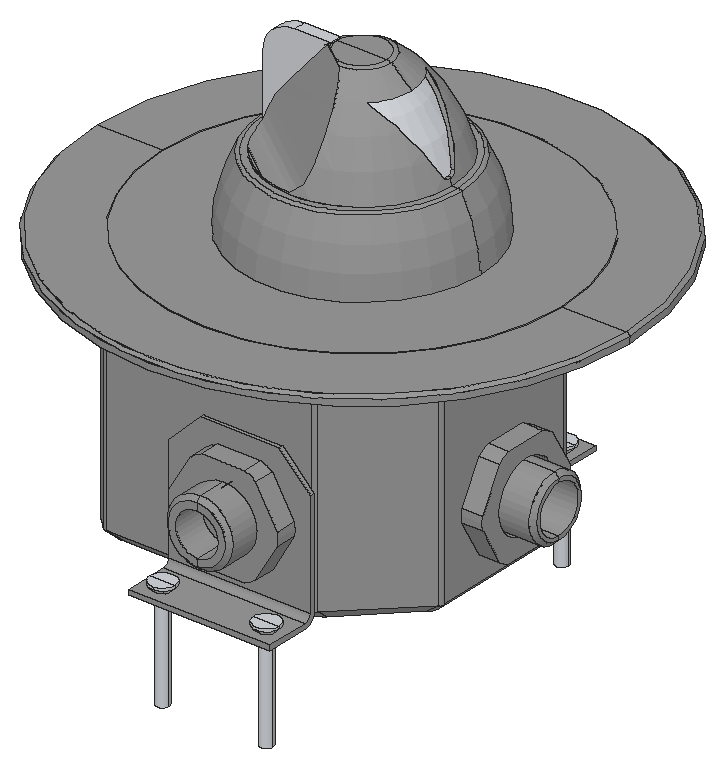
Revit family "Plumbing Fixture_Galvin_CliniMix_Wall_Mixer_CP-BS_WM-TMVPMSCS_W", category Plumbing Fixtures, host Face, Revit 2019
Family settings
  Host = Face
  Round Connector Dimension = Use Diameter
  Part Type = Normal
  Cut with Voids When Loaded = No
  Shared = No
  Room Calculation Point = No
Parameters (values of type "Type 1")
  Waste Connection = no
  Vent Connection = no
  Variants = "Thermostatic"
  Vandal_Resistant = no
  URL = "http://www.galvinengineering.com.au"
  Thread = "1/2\" BSP M"
  Specify_Host = "Face"
  SKU_Code = "WM-TMVPMSCS"
  Product_Type = "Mixer"
  Product_Range = "CliniMix"
  PlumbingMaterial_ANZRS = Brass
  PlumbingFinish = "Chrome"
  Mounting_Surface = "Wall"
  Mounting = "Wall"
  Manufacturer_Phone_No = "1300-514-074"
  Manufacturer_OverallWidth = 0 mm
  Manufacturer_OverallHeight = 0 mm
  Manufacturer_OverallDepth = 0 mm
  Manufacturer = "Galvin Engineering"
  Instructions = ""
  HW Connection = yes
  FlowRate = "N/A"
  FilterObject_ANZRS = ""
  Description = "CLINIMIX CHROME PLATED BRASS INWALL THERMO PROGRESSIVE SHOWER MIXER WITH GALVINCARE HANDLE W&C [MTO]\r\nCLINIMIX CHROME PLATED BRASS INWALL THERMO PROGRESSIVE SHOWER MIXER WITH GALVINCARE HANDLE W&C [MTO]\r\nCLINIMIX CHROME PLATED BRASS INWALL THERMO PROGRESSIVE SHOWER MIXER WITH GALVINCARE HANDLE W&C [MTO]"
  Default Elevation = 0 mm
  CategoryStyleOrType_ANZRS = "Plumbing Fixture"
  CW Connection = yes
  Application = "Commercial"
  Anti_Ligature = yes
Reference planes
  plane 1 "Center (Front/Back)": y = 0
  plane 2: z = 0
  plane 3 "Center (Left/Right)": x = 0
  plane 4: y = 58.7
  plane 5: y = -58.7
Forms (mm)
  Revolve 1, solid, material "Brass" <- "PlumbingMaterial_ANZRS"
    sketch origin (2, 0, 0) x (0, 0, 1) y (0, 1, 0)
      loop
        line (0, 0) -> (0, 34.5) -> (-20, 34.5) -> (-20, 26.5) -> (-75, 26.5) -> (-76, 25.5) -> (-76, 21.5) -> (-77, 21.5) -> (-78, 20.5) -> (-78, 0) -> (0, 0)
      axis (-78, 0) -> (0, 0)
    angle from 0 to 360
  Extrusion 2, solid, material "Brass" <- "PlumbingMaterial_ANZRS"
    sketch origin (2, 0, 0) x (1, 0, 0) y (0, 1, 0)
      loop
        arc (42.554, -25.141) -> (43.031, -24.428) -> (43.198, -23.586) r 2.2
        line (43.198, -23.586) -> (43.198, 23.586)
        arc (43.198, 23.586) -> (43.031, 24.428) -> (42.554, 25.141) r 2.2
        line (42.554, 25.141) -> (21.14, 46.556)
        arc (21.14, 46.556) -> (20.426, 47.033) -> (19.584, 47.2) r 2.2
        line (19.584, 47.2) -> (-45.473, 47.2)
        arc (-45.473, 47.2) -> (-46.315, 47.033) -> (-47.028, 46.556) r 2.2
        line (-47.028, 46.556) -> (-50.556, 43.028)
        arc (-50.556, 43.028) -> (-51.033, 42.315) -> (-51.2, 41.473) r 2.2
        line (-51.2, 41.473) -> (-51.2, -41.473)
        arc (-51.2, -41.473) -> (-51.033, -42.315) -> (-50.556, -43.028) r 2.2
        line (-50.556, -43.028) -> (-47.028, -46.556)
        arc (-47.028, -46.556) -> (-46.315, -47.033) -> (-45.473, -47.2) r 2.2
        line (-45.473, -47.2) -> (19.584, -47.2)
        arc (19.584, -47.2) -> (20.426, -47.033) -> (21.14, -46.556) r 2.2
        line (21.14, -46.556) -> (42.554, -25.141)
    from -77.689 to 0
  Extrusion 3, solid, material "Brass" <- "PlumbingMaterial_ANZRS"
    sketch origin (2, 2, -7) x (1, 0, 0) y (0, 0, -1)
      loop
        arc (4.838, 32.3) -> (6.704, 33.225) -> (8.437, 34.378) r 16.434
        line (8.437, 34.378) -> (15.275, 46.222)
        arc (15.275, 46.222) -> (15.41, 48.3) -> (15.275, 50.378) r 16.135
        line (15.275, 50.378) -> (8.437, 62.222)
        arc (8.437, 62.222) -> (6.704, 63.375) -> (4.838, 64.3) r 16.434
        line (4.838, 64.3) -> (-8.838, 64.3)
        arc (-8.838, 64.3) -> (-10.704, 63.375) -> (-12.437, 62.222) r 16.434
        line (-12.437, 62.222) -> (-19.275, 50.378)
        arc (-19.275, 50.378) -> (-19.41, 48.3) -> (-19.275, 46.222) r 16.135
        line (-19.275, 46.222) -> (-12.437, 34.378)
        arc (-12.437, 34.378) -> (-10.704, 33.225) -> (-8.838, 32.3) r 16.434
        line (-8.838, 32.3) -> (4.838, 32.3)
    from 45 to 53.2
  Revolve 4, solid, material "Brass" <- "PlumbingMaterial_ANZRS"
    sketch origin (4, 0, -7) x (0, 0, -1) y (1, 0, 0)
      loop
        line (37.825, 57.126) -> (37.825, 40.974) -> (40.328, 40.974) -> (40.328, 58.502) -> (39.201, 58.502) -> (37.825, 57.126)
      axis (48, 40.974) -> (48, 58.502)
    angle from 0 to 360
  Extrusion 5, solid, material "Brass" <- "PlumbingMaterial_ANZRS"
    sketch origin (5, 0, -7) x (0, -1, 0) y (0, 0, -1)
      loop
        circle (0, 48) r 11
      loop
        arc (6.838, 32.3) -> (8.694, 33.242) -> (10.437, 34.378) r 19.399
        line (10.437, 34.378) -> (17.275, 46.222)
        arc (17.275, 46.222) -> (17.405, 48.3) -> (17.275, 50.378) r 16.722
        line (17.275, 50.378) -> (10.437, 62.222)
        arc (10.437, 62.222) -> (8.694, 63.358) -> (6.838, 64.3) r 19.399
        line (6.838, 64.3) -> (-6.838, 64.3)
        arc (-6.838, 64.3) -> (-8.694, 63.358) -> (-10.437, 62.222) r 19.399
        line (-10.437, 62.222) -> (-17.275, 50.378)
        arc (-17.275, 50.378) -> (-17.405, 48.3) -> (-17.275, 46.222) r 16.722
        line (-17.275, 46.222) -> (-10.437, 34.378)
        arc (-10.437, 34.378) -> (-8.694, 33.242) -> (-6.838, 32.3) r 19.399
        line (-6.838, 32.3) -> (6.838, 32.3)
    from 40.198 to 47
  Revolve 6, solid, material "Brass" <- "PlumbingMaterial_ANZRS"
    sketch origin (2, -2, -7) x (0, 0, -1) y (0, 1, 0)
      loop
        line (35.5, -45) -> (48, -45) -> (48, -35) -> (35.5, -35) -> (33.5, -37) -> (33.5, -42) -> (35.5, -44) -> (35.5, -45)
      axis (48, -35) -> (48, -45)
    angle from 0 to 360
  Revolve 7, solid, material "Brass" <- "PlumbingMaterial_ANZRS"
    sketch origin (0, 0, 0) x (1, 0, 0) y (0, 0, 1)
      loop
        line (63.5, 3) -> (63.5, -2) -> (57.983, -2) -> (57.983, -5) -> (68, -5) -> (73, 0) -> (85.005, 0) -> (85.005, 1.994) -> (83.999, 3) -> (63.5, 3)
      axis (0, 3) -> (0, -5)
    angle from 0 to 360
  Extrusion 8, solid, material "Brass" <- "PlumbingMaterial_ANZRS"
    sketch origin (0, 0, 0) x (1, 0, 0) y (0, 1, 0)
      loop
        circle (0, 0) r 63.5
    from 0 to 3
  Extrusion 9, solid, material "Brass" <- "PlumbingMaterial_ANZRS"
    sketch origin (-96.998, 0, -7) x (0, -1, 0) y (0, 0, -1)
      loop
        arc (6.838, 32.3) -> (8.694, 33.242) -> (10.437, 34.378) r 19.399
        line (10.437, 34.378) -> (17.275, 46.222)
        arc (17.275, 46.222) -> (17.405, 48.3) -> (17.275, 50.378) r 16.722
        line (17.275, 50.378) -> (10.437, 62.222)
        arc (10.437, 62.222) -> (8.694, 63.358) -> (6.838, 64.3) r 19.399
        line (6.838, 64.3) -> (-6.838, 64.3)
        arc (-6.838, 64.3) -> (-8.694, 63.358) -> (-10.437, 62.222) r 19.399
        line (-10.437, 62.222) -> (-17.275, 50.378)
        arc (-17.275, 50.378) -> (-17.405, 48.3) -> (-17.275, 46.222) r 16.722
        line (-17.275, 46.222) -> (-10.437, 34.378)
        arc (-10.437, 34.378) -> (-8.694, 33.242) -> (-6.838, 32.3) r 19.399
        line (-6.838, 32.3) -> (6.838, 32.3)
    from 41 to 47.798
  Sweep 10, solid, material "Brass" <- "PlumbingMaterial_ANZRS"
    path origin (0, 0, 0) x (1, 0, 0) y (0, 1, 0)
      loop
        line (22.5, 47.95) -> (-22.5, 47.95)
    profile origin (0, 47.95, 0) x (0, -1, 0) y (0, 0, 1)
      loop
        line (-0.75, -33.8) -> (-0.75, -77.3)
        arc (-0.75, -77.3) -> (-1.336, -78.714) -> (-2.75, -79.3) r 2
        line (-2.75, -79.3) -> (-16.75, -79.3) -> (-16.75, -80.8) -> (-2.75, -80.8)
        arc (-2.75, -80.8) -> (-0.409, -79.91) -> (0.75, -77.689) r 3.524
        line (0.75, -77.689) -> (0.75, -33.8) -> (-0.75, -33.8)
  Sweep 11, solid, material "Brass" <- "PlumbingMaterial_ANZRS"
    path origin (0, 0, 0) x (1, 0, 0) y (0, -1, 0)
      loop
        line (22.5, 47.95) -> (-22.5, 47.95)
    profile origin (0, -47.95, 0) x (0, -1, 0) y (0, 0, 1)
      loop
        line (0.75, -33.8) -> (-0.75, -33.8) -> (-0.75, -77.689)
        arc (-0.75, -77.689) -> (0.409, -79.91) -> (2.75, -80.8) r 3.524
        line (2.75, -80.8) -> (16.75, -80.8) -> (16.75, -79.3) -> (2.75, -79.3)
        arc (2.75, -79.3) -> (1.336, -78.714) -> (0.75, -77.3) r 2
        line (0.75, -77.3) -> (0.75, -33.8)
  Extrusion 12, void
    sketch origin (22.5, 48.7, -77.3) x (1, 0, 0) y (0, 0, 1)
      loop
        line (-10, 43.5) -> (0, 33.5) -> (0, 43.5) -> (-10, 43.5)
      loop
        line (-45, 33.5) -> (-35, 43.5) -> (-45, 43.5) -> (-45, 33.5)
    from 0 to 1.5
  Extrusion 13, void
    sketch origin (22.5, -47.2, -77.3) x (1, 0, 0) y (0, 0, 1)
      loop
        line (-10, 43.5) -> (0, 33.5) -> (0, 43.5) -> (-10, 43.5)
      loop
        line (-45, 33.5) -> (-35, 43.5) -> (-45, 43.5) -> (-45, 33.5)
    from 0 to 1.5
  Revolve 14, solid, material "Brass" <- "PlumbingMaterial_ANZRS"
    sketch origin (0.027, 2, -7) x (0, 0, -1) y (0, 1, 0)
      loop
        line (37.82, 62.297) -> (37.82, 46.34) -> (35.5, 45) -> (35.5, 40.5) -> (33.5, 38.5) -> (33.5, 33.5) -> (35.5, 31.5) -> (37, 31.5) -> (37, -35.5) -> (35.5, -35.5) -> (33.5, -37.5) -> (33.5, -42.5) -> (35.5, -44.5) -> (35.5, -49) -> (37.82, -49) -> (37.82, -66.297) -> (39.223, -67.7) -> (41.5, -67.7) -> (41.5, -49) -> (38.5, -49) -> (38.5, -35.5) -> (41.5, -35.5) -> (41.5, 31.5) -> (38.5, 31.5) -> (38.5, 45.866) -> (41.5, 45.866) -> (41.5, 63.7) -> (39.223, 63.7) -> (37.82, 62.297)
      axis (48.3, -67.7) -> (48.3, 63.7)
    angle from 0 to 360
  Extrusion 15, solid, material "Brass" <- "PlumbingMaterial_ANZRS"
    sketch origin (2, -101.9, -7) x (1, 0, 0) y (0, 0, -1)
      loop
        arc (4.838, 32.3) -> (6.704, 33.225) -> (8.437, 34.378) r 16.434
        line (8.437, 34.378) -> (15.275, 46.222)
        arc (15.275, 46.222) -> (15.41, 48.3) -> (15.275, 50.378) r 16.135
        line (15.275, 50.378) -> (8.437, 62.222)
        arc (8.437, 62.222) -> (6.704, 63.375) -> (4.838, 64.3) r 16.434
        line (4.838, 64.3) -> (-8.838, 64.3)
        arc (-8.838, 64.3) -> (-10.704, 63.375) -> (-12.437, 62.222) r 16.434
        line (-12.437, 62.222) -> (-19.275, 50.378)
        arc (-19.275, 50.378) -> (-19.41, 48.3) -> (-19.275, 46.222) r 16.135
        line (-19.275, 46.222) -> (-12.437, 34.378)
        arc (-12.437, 34.378) -> (-10.704, 33.225) -> (-8.838, 32.3) r 16.434
        line (-8.838, 32.3) -> (4.838, 32.3)
    from 46.7 to 53.2
  Blend 16, solid, material "Brass" <- "PlumbingMaterial_ANZRS"
    base sketch origin (2, 0, -77.689) x (0, 1, 0) y (-1, 0, 0)
      loop
        arc (-24.673, -38.622) -> (-23.051, -39.706) -> (-21.137, -40.087) r 5
        line (-21.137, -40.087) -> (21.137, -40.087)
        arc (21.137, -40.087) -> (23.051, -39.706) -> (24.673, -38.622) r 5
        line (24.673, -38.622) -> (42.624, -20.671)
        arc (42.624, -20.671) -> (43.708, -19.049) -> (44.089, -17.135) r 5
        line (44.089, -17.135) -> (44.089, 43.089)
        arc (44.089, 43.089) -> (42.624, 46.624) -> (39.089, 48.089) r 5
        line (39.089, 48.089) -> (-39.089, 48.089)
        arc (-39.089, 48.089) -> (-42.624, 46.624) -> (-44.089, 43.089) r 5
        line (-44.089, 43.089) -> (-44.089, -17.135)
        arc (-44.089, -17.135) -> (-43.708, -19.049) -> (-42.624, -20.671) r 5
        line (-42.624, -20.671) -> (-24.673, -38.622)
    top sketch origin (2, 0, -77.689) x (0, 1, 0) y (-1, 0, 0)
      loop
        arc (-25.141, -42.554) -> (-24.428, -43.031) -> (-23.586, -43.198) r 2.2
        line (-23.586, -43.198) -> (23.586, -43.198)
        arc (23.586, -43.198) -> (24.428, -43.031) -> (25.141, -42.554) r 2.2
        line (25.141, -42.554) -> (46.556, -21.14)
        arc (46.556, -21.14) -> (47.033, -20.426) -> (47.2, -19.584) r 2.2
        line (47.2, -19.584) -> (47.2, 45.473)
        arc (47.2, 45.473) -> (47.033, 46.315) -> (46.556, 47.028) r 2.2
        line (46.556, 47.028) -> (43.028, 50.556)
        arc (43.028, 50.556) -> (42.315, 51.033) -> (41.473, 51.2) r 2.2
        line (41.473, 51.2) -> (-41.473, 51.2)
        arc (-41.473, 51.2) -> (-42.315, 51.033) -> (-43.028, 50.556) r 2.2
        line (-43.028, 50.556) -> (-46.556, 47.028)
        arc (-46.556, 47.028) -> (-47.033, 46.315) -> (-47.2, 45.473) r 2.2
        line (-47.2, 45.473) -> (-47.2, -19.584)
        arc (-47.2, -19.584) -> (-47.033, -20.426) -> (-46.556, -21.14) r 2.2
        line (-46.556, -21.14) -> (-25.141, -42.554)
    from -3.111 to 0
  Revolve 17, solid
    sketch origin (0, 58.7, 0) x (1, 0, 0) y (0, 0, 1)
      loop
        line (16.5, -112.3) -> (16.5, -77.3) -> (12.485, -77.3) -> (12.485, -78.1) -> (14.5, -80.115) -> (14.5, -112.3) -> (16.5, -112.3)
      axis (16.5, -77.3) -> (16.5, -112.3)
    angle from 0 to 360
  Revolve 18, solid
    sketch origin (0, 58.7, 0) x (-1, 0, 0) y (0, 0, -1)
      loop
        line (16.5, 112.3) -> (14.5, 112.3) -> (14.5, 80.115) -> (12.485, 78.1) -> (12.485, 77.3) -> (16.5, 77.3) -> (16.5, 112.3)
      axis (16.5, 77.3) -> (16.5, 112.3)
    angle from 0 to 360
  Revolve 19, solid
    sketch origin (0, -58.7, 0) x (1, 0, 0) y (0, 0, -1)
      loop
        line (16.5, 112.3) -> (14.5, 112.3) -> (14.5, 80.115) -> (12.485, 78.1) -> (12.485, 77.3) -> (16.5, 77.3) -> (16.5, 112.3)
      axis (16.5, 77.3) -> (16.5, 112.3)
    angle from 0 to 360
  Revolve 20, solid
    sketch origin (0, -58.7, 0) x (-1, 0, 0) y (0, 0, 1)
      loop
        line (16.5, -112.3) -> (16.5, -77.3) -> (12.485, -77.3) -> (12.485, -78.1) -> (14.5, -80.115) -> (14.5, -112.3) -> (16.5, -112.3)
      axis (16.5, -77.3) -> (16.5, -112.3)
    angle from 0 to 360
Cuts and joins
  Extrusion 12 cuts Revolve 1
  Extrusion 12, Extrusion 13 cuts Extrusion 2
  joined: Extrusion 2, Blend 16
  Extrusion 12, Extrusion 13 cuts Sweep 10
  Extrusion 12, Extrusion 13 cuts Sweep 11
Dimensions and locks
  aligned and locked: plane 2 to host face
  aligned and locked: level to host face
Nested families
  nested 1: "X_GALVIN_CLINIMIX_WALL_MIXER" at (0, 0, 0), type "Type 1"
  nested 2: "X_GalvinCare_Text" at (-52.59, -0.52, 3) x (0, -1, 0) z (0, 0, 1), type "01_GalvinCare"
  nested 3: "X_GalvinCare_Text" at (80.305, -20.534, -77.3) x (-0.1736, -0.9848, 0) z (0, 0, 1), type "06_Cold"
  nested 4: "X_GalvinCare_Text" at (74.293, 17.845, -77.3) x (0.1703, -0.9854, 0) z (0, 0, 1), type "12_Warm"
  nested 5: "X_GalvinCare_Text" at (30.605, -2.304, -77.3) x (0.0517, -0.9987, 0) z (0, 0, 1), type "13_Arrow"
Definition of nested family "X_GALVIN_CLINIMIX_WALL_MIXER"
  Parameters (values of type "Type 1")
    URL = ""
    PlumbingMaterial_ANZRS = none
    Manufacturer = ""
    Description = ""
  Reference planes
    plane 1 "Center (Front/Back)": y = 0
    plane 2: z = 0
    plane 3 "Center (Left/Right)": x = 0
    plane 4: x = -2
    plane 5: x = 2
    plane 6: through (0, -1524, 0) normal (-0.7608, 0, -0.649)
    plane 7: through (0, -1524, 0) normal (-0.7608, 0, 0.649)
    plane 8: through (-3187.65, 2366.406, 25) normal (0.6018, 0.7986, 0)
    plane 9: through (-3187.65, -2366.406, 25) normal (-0.6018, 0.7986, 0)
  Forms (mm)
    Revolve 1, solid, material <- "PlumbingMaterial_ANZRS"
      sketch origin (0, 0, 0) x (0, 0, 1) y (1, 0, 0)
        loop
          line (3, 0) -> (53.7, 0) -> (53.7, 7.861)
          arc (53.7, 7.861) -> (53.591, 8.575) -> (53.273, 9.224) r 2.388
          arc (53.273, 9.224) -> (40.897, 21.444) -> (25, 28.5) r 48.393
          line (25, 28.5) -> (25, 30.474)
          arc (25, 30.474) -> (24.857, 31.117) -> (24.455, 31.639) r 1.517
          arc (24.455, 31.639) -> (14.104, 35.944) -> (3, 37.49) r 43.961
          line (3, 37.49) -> (3, 0)
        axis (3, 0) -> (53.7, 0)
      angle from 0 to 360
    Extrusion 2, solid
      sketch origin (0, 0, 0) x (0, 0, -1) y (1, 0, 0)
        loop
          line (-25, -30) -> (-25, -8.322) -> (-53.7, -8.322) -> (-53.7, -20)
          arc (-53.7, -20) -> (-50.771, -27.071) -> (-43.7, -30) r 10
          line (-43.7, -30) -> (-25, -30)
      from -2 to 2
    Extrusion 3, void
      sketch origin (0, 0, 0) x (0, -1, 0) y (0, 0, -1)
        loop
          arc (-0.726, -27) -> (-1.8, -27.313) -> (-2.538, -28.155) r 2
          line (-2.538, -28.155) -> (-11.674, -47.746) -> (11.674, -47.746) -> (2.538, -28.155)
          arc (2.538, -28.155) -> (1.8, -27.313) -> (0.726, -27) r 2
          line (0.726, -27) -> (-0.726, -27)
      from 8.984 to 30.343
    Revolve 4, solid
      sketch origin (0, 0, 0) x (0, 0, -1) y (1, 0, 0)
        loop
          line (-27, 0) -> (-27, 26.623)
          arc (-27, 26.623) -> (-39.629, 20.464) -> (-50.113, 11.112) r 51.312
          line (-50.113, 11.112) -> (-50.113, 0) -> (-27, 0)
        axis (-27, 0) -> (-50.113, 0)
      angle from -58.79 to 62.094
    Extrusion 5, void
      sketch origin (24.044, -18.093, 0) x (0.601815, 0.798636, 0) y (0, 0, -1)
        loop
          line (-27.365, -25.487) -> (-31.958, -25.487) -> (-16.614, -52.648) -> (-16.614, -54.704) -> (-7.404, -54.704) -> (-7.404, -52.96)
          spline (-7.404, -52.96) -> (-9.299, -49.314) -> (-11.275, -45.449) -> (-13.243, -41.552) -> (-15.118, -37.807) -> (-16.811, -34.398) -> (-18.256, -31.489) -> (-19.507, -29.132) -> (-20.656, -27.336) -> (-21.796, -26.114) -> (-23.025, -25.476) -> (-24.663, -25.339) -> (-27.365, -25.487)
      from 9.921 to 50.173
    Extrusion 6, void
      sketch origin (24.044, 18.093, 0) x (0.601815, -0.798636, 0) y (0, 0, 1)
        loop
          spline (-27.365, 25.487) -> (-24.663, 25.339) -> (-23.025, 25.476) -> (-21.796, 26.114) -> (-20.656, 27.336) -> (-19.507, 29.132) -> (-18.256, 31.489) -> (-16.811, 34.398) -> (-15.118, 37.807) -> (-13.243, 41.552) -> (-11.275, 45.449) -> (-9.299, 49.314) -> (-7.404, 52.96)
          line (-7.404, 52.96) -> (-7.404, 54.704) -> (-16.614, 54.704) -> (-16.614, 52.648) -> (-31.958, 25.487) -> (-27.365, 25.487)
      from 9.921 to 50.173
  Cuts and joins
    Extrusion 3, Extrusion 5, Extrusion 6 cuts Revolve 1
  Dimensions and locks
    aligned and locked: level to plane 2
Definition of nested family "X_GalvinCare_Text"
  Parameters (values of type "13_Arrow")
    Warm = Type # = 12  # no
    Type # = 13
    Press to Activate = Type # = 10  # no
    ON = Type # = 8  # no
    OFF = Type # = 9  # no
    Hot = Type # = 7  # no
    HandShower_Right = Type # = 4  # no
    HandShower_Left = Type # = 5  # no
    GalvinEngineering = Type # = 11  # no
    GalvinCare = Type # = 1  # no
    FixedShower_Right = Type # = 2  # no
    FixedShower_Left = Type # = 3  # no
    Default Elevation = 1219.2 mm
    Cold = Type # = 6  # no
    Arrow = Type # = 13  # yes
  Types (13, lengths in mm): name | Warm | Type # | Press to Activate | ON | OFF | Hot | HandShower_Right | HandShower_Left | GalvinEngineering | GalvinCare | FixedShower_Right | FixedShower_Left | Default Elevation | Cold | Arrow
    01_GalvinCare | no | 1 | no | no | no | no | no | no | no | yes | no | no | 1219.2 | no | no
    04_HandShower_Right | no | 4 | no | no | no | no | yes | no | no | no | no | no | 1219.2 | no | no
    05_HandSHower_Left | no | 5 | no | no | no | no | no | yes | no | no | no | no | 1219.2 | no | no
    02_FixedShower_Right | no | 2 | no | no | no | no | no | no | no | no | yes | no | 1219.2 | no | no
    03_FIxedShower_Left | no | 3 | no | no | no | no | no | no | no | no | no | yes | 1219.2 | no | no
    09_OFF | no | 9 | no | no | yes | no | no | no | no | no | no | no | 1219.2 | no | no
    06_Cold | no | 6 | no | no | no | no | no | no | no | no | no | no | 1219.2 | yes | no
    07_Hot | no | 7 | no | no | no | yes | no | no | no | no | no | no | 1219.2 | no | no
    08_ON | no | 8 | no | yes | no | no | no | no | no | no | no | no | 1219.2 | no | no
    10_Press to Activate | no | 10 | yes | no | no | no | no | no | no | no | no | no | 0 | no | no
    11_GalvinEngineering | no | 11 | no | no | no | no | no | no | yes | no | no | no | 0 | no | no
    12_Warm | yes | 12 | no | no | no | no | no | no | no | no | no | no | 1219.2 | no | no
    13_Arrow | no | 13 | no | no | no | no | no | no | no | no | no | no | 1219.2 | no | yes
  Reference planes
    plane 1 "Center (Front/Back)": y = 0
    plane 2: z = 0
    plane 3 "Center (Left/Right)": x = 0
  Forms (mm)
    Extrusion 1, solid
      sketch origin (0, 0, 0) x (1, 0, 0) y (0, 1, 0)
        loop
          line (-1219.2, 1219.2) -> (-1219.2, -1219.2) -> (1219.2, -1219.2) -> (1219.2, 1219.2) -> (-1219.2, 1219.2)
      from 0 to -304.8
  Dimensions and locks
    aligned and locked: plane 2 to Extrusion 1
    aligned and locked: level to Extrusion 1
